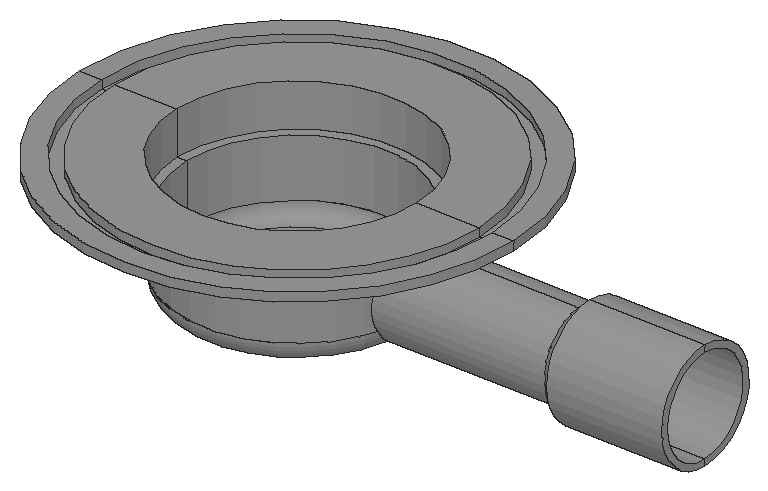
Revit family "HL_Трап для балконов и террас_HL90K", category Instalační zařizovací předměty, Revit 2020
Family settings
  Kóta kulaté spojky = Použít průměr
  Typ dílu = Normální
  Číslo OmniClass = 23.70.50.21.24.14
  Nadpis OmniClass = Deck Waste Water Drains
  Založené na pracovní rovině = Ne
  Vždy vertikální = Ano
  Ořezat dutým tvarem při načtení = Ne
  Sdílené = Ne
  Bod výpočtu místnosti = Ano
Parameters (values of type "HL_Трап для балконов и террас_HL90K")
  РАЗМЕР = "DN40/50"
  ПРОПУСКНАЯ СПОСОБНОСТЬ [instance] = 0.0 L/s
  ПРАВОВАЯ ИНФОРМАЦИЯ = "\"Авторские права(©), права на дизайн или какие либо другие права интелектуальной собственности являются исключительной собственностью компании HL Hutterer & Lechner. Изменению не подлежит. Файл семейства с данными о прозводителе изделия защищен паролем с водяным знаком.\""
  НОМИНАЛЬНЫЙ ДИАМЕТР [instance] = 50 mm
  МАТЕРИАЛ = "PP"
  ВЫСОТА МОНТАЖА = "57mm"
  ВЕС = "0,218 [kg]"
  Výrobce = "HL Hutterer & Lechner GmbH"
  Výchozí výška = 0 mm
  URL = "https://www.hutterer-lechner.com/ru/products/catalog/floor-drains/horizontal/flange/HL90K.aspx"
  Материал плитка [instance] = none
  Přípoj ventilace = no
  Přípoj odpadních dílů = yes
  Přípoj HW = no
  Přípoj CW = no
  Popis = "Трап для балконов и террас"
  Model = "HL90K"
  Assembly Code = " "
  Komentáře k typům = "Корпус трапа для балконов и террасс DN40/50 горизонтальный"
  Keynote = "HL90K"
  IH [instance] = Высота монтажа 1 + Высота монтажа 2  # 0 mm
  Высота монтажа 2 [instance] = 0 mm
  Высота монтажа 1 [instance] = 0 mm
  G [instance] = 90.00°  # constant formula
  EAN = "9003076013395"
  D [instance] = if(НОМИНАЛЬНЫЙ ДИАМЕТР = 50 mm, 188 mm, 130 mm)  # 188 mm
  C [instance] = if(IH - 68 mm < 0 mm, 0 mm, IH - 68 mm)  # 0 mm
  B [instance] = IH + 37 mm  # 37 mm
  A [instance] = if(B - 100 mm > 15 mm, B - 100 mm, 15 mm)  # 15 mm
Reference planes
  plane 1 "Center (Front/Back)": y = 0
  plane 2: z = 0
  plane 3 "Center (Left/Right)": x = 0
  plane 4: z = -37
  plane 5: z = 0
  plane 6: z = 0
Lines and regions (mm)
  model lines, style "InvisibleLines"
    curve 1: line (0, 0, 0) -> (0, 0, 20)
  model lines, style "PlumbingFixtures", detail levels coarse+medium
    curve 2: line (0, 0, -37) -> (0, 0, -22)
    curve 3: line (0, 0, -22) -> (-22, 0, 0)
    curve 4: line (0, 0, -22) -> (22, 0, 0)
    curve 6: line (0, 0, -37) -> (188, 0, -37)
  reference lines, not visible
    curve 5: line (0, 0, -37) -> (188, 0, -37)
  symbolic lines, style "PlumbingFixtures", detail levels coarse+medium
    curve 7: line (-75, 75, 0) -> (75, 75, 0)
    curve 8: line (-75, -75, 0) -> (-75, 75, 0)
    curve 9: line (75, -75, 0) -> (-75, -75, 0)
    curve 10: line (75, 75, 0) -> (75, -75, 0)
    curve 11: line (-75, 75, 0) -> (-145.711, 145.711, 0)
    curve 12: line (75, 75, 0) -> (145.711, 145.711, 0)
    curve 13: line (-75, -75, 0) -> (-145.711, -145.711, 0)
    curve 14: line (75, -75, 0) -> (145.711, -145.711, 0)
  symbolic lines, style "PlumbingFixtures", not visible, detail levels coarse+medium
    curve 15: line (-75, 75, 0) -> (75, 75, 0)
    curve 16: line (-75, -75, 0) -> (-75, 75, 0)
    curve 17: line (75, -75, 0) -> (-75, -75, 0)
    curve 18: line (75, 75, 0) -> (75, -75, 0)
    curve 19: line (-75, 75, 0) -> (-145.711, 145.711, 0)
    curve 20: line (75, 75, 0) -> (145.711, 145.711, 0)
    curve 21: line (-75, -75, 0) -> (-145.711, -145.711, 0)
    curve 22: line (75, -75, 0) -> (145.711, -145.711, 0)
Text (mm)
  text "FLOOR" at (-162.344, 0, -10.979), in view "вид строительства"
Dimensions and locks
  "B": plane 2 to plane 4
  "IH": plane 2 to plane 5
  "A": curve 4 to plane 4
  "D": curve 5 to curve 5
  "D": curve 6 to curve 6
  "Высота монтажа 1": plane 2 to plane 6
  locked: curve 4 to plane 3 "Center (Left/Right)" (angle 45.00°)
  locked: plane 3 "Center (Left/Right)" to curve 3 (angle 45.00°)
  "G": angle curve 5 to plane 3 "Center (Left/Right)"
  aligned and locked: level to plane 2
  aligned and locked: plane 2 to curve 4
  aligned and locked: plane 2 to curve 3
  aligned and locked: plane 4 to curve 5
  aligned and locked: plane 3 "Center (Left/Right)" to curve 5
  aligned and locked: plane 4 to curve 2
  aligned and locked: curve 6 to plane 3 "Center (Left/Right)"
  aligned and locked: curve 6 to plane 4
  aligned and locked: plane 3 "Center (Left/Right)" to nested 1
  aligned and locked: nested 1 to plane 5
Automatic sketch dimensions
  curve 2 to plane 3 "Center (Left/Right)" = 0 mm
  curve 1 to plane 3 "Center (Left/Right)" = 0 mm
  curve 1 to level = 0 mm
  level to curve 1 = 20 mm
Nested families
  nested 1: "HL-Корпус для трапа внутренних помещений-HL90K" at (0, 0, 0) x (-1, 0, 0) z (0, 0, 1), DN <- "НОМИНАЛЬНЫЙ ДИАМЕТР", type "HL90K_Main Component"
    with V 0 mm, DN 50 mm
Connectors
  piping at (188, 0, -37), diameter 50, driven by "ПРОПУСКНАЯ СПОСОБНОСТЬ", driven by "НОМИНАЛЬНЫЙ ДИАМЕТР"
    settings: on curve 5, index 1, connector inside diameter 609.6 mm, connector length 0 mm, flow factor 0, pipe flow 0.0 L/s, pressure drop 0.0 Pa, fitting loss kfactor 0, connector angle 0.00°, fixture units 0, engagement length 0 mm, angle of deflection 0.00°, flow configuration 1, flow direction 2, fitting loss method 0, system type 16, joint type 0, gender type 0, connector reference index -1, connector utility 0, adjustable connector yes, is connector primary yes, connector description ""
Definition of nested family "HL-Корпус для трапа внутренних помещений-HL90K"
  Parameters (values of type "HL90K_Main Component")
    РАЗМЕР = "DN40/50"
    ПРАВОВАЯ ИНФОРМАЦИЯ = "Авторские права(©), права на дизайн или какие либо другие права интелектуальной собственности являются исключительной собственностью компании HL Hutterer & Lechner. Изменению не подлежит. Файл семейства с данными о прозводителе изделия защищен паролем с водяным знаком."  # constant formula
    МАТЕРИАЛ = "PP"
    ВЫСОТА МОНТАЖА = "57 mm"
    ВЕС = "0,218 [kg]"
    Waste Connection = yes
    Default Elevation = 0 mm
    Vent Connection = no
    Manufacturer = "HL Hutterer & Lechner GmbH"  # constant formula
    V [instance] = if(DN = 40 mm, 58 mm, 0 mm)  # 0 mm
    URL = "http://www.hutterer-lechner.com/ru/Products/catalog/floor-drains/attachments/HL90K.aspx"
    Assembly Code = "Main Component"
    HW Connection = no
    Description = "Трапы для внутренних помещений - Комплектующие"
    Model = "HL90K"
    Type Comments = "Корпус трапа для балконов и террасс DN40/50 горизонтальный"
    Keynote = "HL90K"
    EAN = "9003076013395"
    DN [instance] = 50 mm
    CW Connection = no
  Reference planes
    plane 1 "Center (Front/Back)": y = 0
    plane 2: z = 0
    plane 3 "Center (Left/Right)": x = 0
    plane 4 "Ball Joint Vertical": x = 25.45
  Forms (mm)
    Revolve 1, solid, detail levels fine
      sketch origin (0, 0, 0) x (1, 0, 0) y (0, 0, 1)
        loop
          line (-188, -12) -> (-188, -15) -> (-136.243, -15) -> (-131.243, -20) -> (-41.649, -20) -> (-41.649, -17) -> (-130, -17) -> (-135, -12) -> (-188, -12)
        axis (-188, -37) -> (-41.649, -37)
      angle from 0 to 360
    Revolve 2, solid, detail levels fine
      sketch origin (0, 0, 0) x (1, 0, 0) y (0, 0, 1)
        loop
          line (100, -4) -> (100, 0) -> (90, 0) -> (90, -4) -> (84.001, -4) -> (84.001, 0) -> (55.35, 0) -> (55.35, -20) -> (51, -20) -> (51, -47)
          arc (51, -47) -> (48.95, -51.95) -> (44, -54) r 7
          line (44, -54) -> (0, -54) -> (0, -57) -> (44, -57)
          arc (44, -57) -> (51.071, -54.071) -> (54, -47) r 10
          line (54, -47) -> (54, -24.5) -> (58.5, -24.5) -> (58.5, -7) -> (93, -7) -> (93, -4) -> (100, -4)
        axis (0, 0) -> (0, -57)
      angle from 0 to 360
    Revolve 3, void
      sketch origin (0, 0, 0) x (1, 0, 0) y (0, 0, 1)
        loop
          line (26, -54) -> (44, -54)
          arc (44, -54) -> (48.95, -51.95) -> (51, -47) r 7
          line (51, -47) -> (51, -20) -> (55.35, -20) -> (55.35, -14.5) -> (41, -14.5) -> (41, -44) -> (26, -44) -> (26, -54)
        axis (0, -14.5) -> (0, -54)
      angle from 0 to 360
    Extrusion 4, void
      sketch origin (0, 0, 0) x (0, 1, 0) y (0, 0, 1)
        loop
          circle (0, -37) r 17
      from -36.616 to -121.62
    Extrusion 5, void
      sketch origin (-188, 0, -37) x (0, 0, -1) y (0, 1, 0)
        loop
          line (-37, 37.5) -> (-37, -37.5) -> (38, -37.5) -> (38, 37.5) -> (-37, 37.5)
      from -10 to 0 <- "V"
  Cuts and joins
    Revolve 3, Extrusion 4, Extrusion 5 cuts Revolve 1
    Revolve 3, Extrusion 4 cuts Revolve 2
  Lines and regions (mm)
    model lines, detail levels fine
      curve 1: line (18.25, 16.225, -54) -> (9.75, 16.225, -54)
      curve 2: line (15.625, 14.475, -54) -> (18.25, 14.475, -54)
      curve 3: line (9.75, 14.475, -54) -> (12.375, 14.475, -54)
      curve 4: line (12.375, 9.975, -54) -> (9.75, 9.975, -54)
      curve 5: line (18.25, 9.975, -54) -> (15.625, 9.975, -54)
      curve 6: line (9.75, 8.225, -54) -> (18.25, 8.225, -54)
      curve 7: line (14.875, 10.725, -54) -> (14.875, 13.725, -54)
      curve 8: line (13.125, 13.725, -54) -> (13.125, 10.725, -54)
      curve 9: line (18.25, 6.425, -54) -> (9.75, 6.425, -54)
      curve 10: line (11.5, 4.675, -54) -> (18.25, 4.675, -54)
      curve 11: line (10.75, 0.675, -54) -> (10.75, 3.925, -54)
      curve 12: line (9, 5.675, -54) -> (9, 0.675, -54)
      curve 13: line (18, -2.675, -54) -> (14.325, -2.675, -54)
      curve 14: line (19, -7.425, -54) -> (19, -3.675, -54)
      curve 15: line (10, -8.425, -54) -> (18, -8.425, -54)
      curve 16: line (10.75, -5.925, -54) -> (10.75, -3.425, -54)
      curve 17: line (9, -3.425, -54) -> (9, -7.425, -54)
      curve 18: line (12.575, -6.675, -54) -> (11.5, -6.675, -54)
      curve 19: line (13.325, -3.675, -54) -> (13.325, -5.925, -54)
      curve 20: line (11.5, -11.975, -54) -> (16.5, -11.975, -54)
      curve 21: line (10.75, -13.725, -54) -> (10.75, -12.725, -54)
      curve 22: line (16.5, -14.475, -54) -> (11.5, -14.475, -54)
      curve 23: line (17.25, -12.725, -54) -> (17.25, -13.725, -54)
      curve 24: line (19, -13.725, -54) -> (19, -12.725, -54)
      curve 25: line (16.5, -10.225, -54) -> (11.5, -10.225, -54)
      curve 26: line (9, -12.725, -54) -> (9, -13.725, -54)
      curve 27: line (11.5, -16.225, -54) -> (16.5, -16.225, -54)
      curve 28: arc (12.375, 14.475, -54) -> (12.905, 14.255, -54) -> (13.125, 13.725, -54) r 0.75
      curve 29: arc (14.875, 13.725, -54) -> (15.095, 14.255, -54) -> (15.625, 14.475, -54) r 0.75
      curve 30: arc (14.875, 10.725, -54) -> (15.095, 10.195, -54) -> (15.625, 9.975, -54) r 0.75
      curve 31: arc (13.125, 10.725, -54) -> (12.905, 10.195, -54) -> (12.375, 9.975, -54) r 0.75
      curve 32: arc (9.75, 6.425, -54) -> (9.22, 6.205, -54) -> (9, 5.675, -54) r 0.75
      curve 33: arc (11.5, 4.675, -54) -> (10.97, 4.455, -54) -> (10.75, 3.925, -54) r 0.75
      curve 34: arc (15.075, -5.175, -54) -> (15.295, -4.645, -54) -> (15.825, -4.425, -54) r 0.75
      curve 35: arc (16.5, -4.425, -54) -> (17.03, -4.645, -54) -> (17.25, -5.175, -54) r 0.75
      curve 36: arc (17.25, -5.925, -54) -> (17.03, -6.455, -54) -> (16.5, -6.675, -54) r 0.75
      curve 37: arc (15.825, -6.675, -54) -> (15.295, -6.455, -54) -> (15.075, -5.925, -54) r 0.75
      curve 38: arc (18, -8.425, -54) -> (18.707, -8.132, -54) -> (19, -7.425, -54) r 1
      curve 39: arc (19, -3.675, -54) -> (18.707, -2.968, -54) -> (18, -2.675, -54) r 1
      curve 40: arc (14.325, -2.675, -54) -> (13.618, -2.968, -54) -> (13.325, -3.675, -54) r 1
      curve 41: arc (12.575, -6.675, -54) -> (13.105, -6.455, -54) -> (13.325, -5.925, -54) r 0.75
      curve 42: arc (11.5, -6.675, -54) -> (10.97, -6.455, -54) -> (10.75, -5.925, -54) r 0.75
      curve 43: arc (9, -7.425, -54) -> (9.293, -8.132, -54) -> (10, -8.425, -54) r 1
      curve 44: arc (16.5, -10.225, -54) -> (18.268, -10.957, -54) -> (19, -12.725, -54) r 2.5
      curve 45: arc (11.5, -10.225, -54) -> (9.732, -10.957, -54) -> (9, -12.725, -54) r 2.5
      curve 46: arc (9, -13.725, -54) -> (9.732, -15.493, -54) -> (11.5, -16.225, -54) r 2.5
      curve 47: arc (11.5, -14.475, -54) -> (10.97, -14.255, -54) -> (10.75, -13.725, -54) r 0.75
      curve 48: arc (10.75, -12.725, -54) -> (10.97, -12.195, -54) -> (11.5, -11.975, -54) r 0.75
      curve 49: arc (16.5, -11.975, -54) -> (17.03, -12.195, -54) -> (17.25, -12.725, -54) r 0.75
      curve 50: arc (17.25, -13.725, -54) -> (17.03, -14.255, -54) -> (16.5, -14.475, -54) r 0.75
      curve 51: arc (16.5, -16.225, -54) -> (18.268, -15.493, -54) -> (19, -13.725, -54) r 2.5
      curve 52: line (19, 15.225, -54) -> (19, 15.475, -54)
      curve 53: arc (18.25, 16.225, -54) -> (18.78, 16.005, -54) -> (19, 15.475, -54) r 0.75
      curve 54: arc (19, 15.225, -54) -> (18.78, 14.695, -54) -> (18.25, 14.475, -54) r 0.75
      curve 55: line (9, 15.225, -54) -> (9, 15.475, -54)
      curve 56: arc (9.75, 16.225, -54) -> (9.22, 16.005, -54) -> (9, 15.475, -54) r 0.75
      curve 57: arc (9, 15.225, -54) -> (9.22, 14.695, -54) -> (9.75, 14.475, -54) r 0.75
      curve 58: line (19, 9.225, -54) -> (19, 8.975, -54)
      curve 59: arc (18.25, 8.225, -54) -> (18.78, 8.445, -54) -> (19, 8.975, -54) r 0.75
      curve 60: arc (19, 9.225, -54) -> (18.78, 9.755, -54) -> (18.25, 9.975, -54) r 0.75
      curve 61: line (9, 9.225, -54) -> (9, 8.975, -54)
      curve 62: arc (9.75, 8.225, -54) -> (9.22, 8.445, -54) -> (9, 8.975, -54) r 0.75
      curve 63: arc (9, 9.225, -54) -> (9.22, 9.755, -54) -> (9.75, 9.975, -54) r 0.75
      curve 64: line (19, 5.675, -54) -> (19, 5.425, -54)
      curve 65: arc (18.25, 4.675, -54) -> (18.78, 4.895, -54) -> (19, 5.425, -54) r 0.75
      curve 66: arc (19, 5.675, -54) -> (18.78, 6.205, -54) -> (18.25, 6.425, -54) r 0.75
      curve 67: line (9.75, -0.075, -54) -> (10, -0.075, -54)
      curve 68: arc (9, 0.675, -54) -> (9.22, 0.145, -54) -> (9.75, -0.075, -54) r 0.75
      curve 69: arc (10, -0.075, -54) -> (10.53, 0.145, -54) -> (10.75, 0.675, -54) r 0.75
      curve 70: line (15.825, -4.425, -54) -> (16.5, -4.425, -54)
      curve 71: line (17.25, -5.175, -54) -> (17.25, -5.925, -54)
      curve 72: line (16.5, -6.675, -54) -> (15.825, -6.675, -54)
      curve 73: line (15.075, -5.925, -54) -> (15.075, -5.175, -54)
      curve 74: line (10, -2.675, -54) -> (9.75, -2.675, -54)
      curve 75: arc (9, -3.425, -54) -> (9.22, -2.895, -54) -> (9.75, -2.675, -54) r 0.75
      curve 76: arc (10, -2.675, -54) -> (10.53, -2.895, -54) -> (10.75, -3.425, -54) r 0.75
  Text (mm)
    text "ROOF/FLOOR" at (-198.233, 0, -26.556), in view "Drain Construction View"
  Dimensions and locks
    locked: plane 4 "Ball Joint Vertical" to plane 3 "Center (Left/Right)" at 25.45
    aligned and locked: level to plane 2
